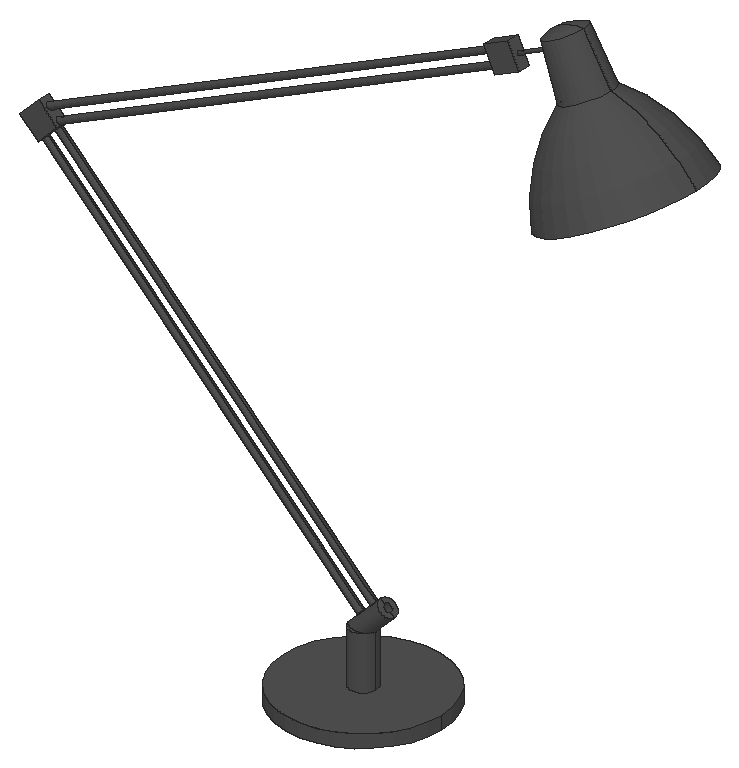
Revit family "ecdb3d950c984f8a83db7717c3b29b45", category Lighting Fixtures, Revit 2021
Family settings
  Round Connector Dimension = Use Diameter
  Part Type = Normal
  OmniClass Number = 23.80.70.11.11
  OmniClass Title = General Luminaries, Non Directional
  Seek Item ID = Table Lamp - Arm Extension-0000-USA-ENU
  Work Plane-Based = No
  Always vertical = Yes
  Cut with Voids When Loaded = No
  Light Source = Yes
  Shared = No
  Room Calculation Point = No
Parameters (values of type "60W - 277V")
  Wattage = 60 W
  built-in parameter 1150110 = 1 (stored number, unit not read)
  built-in parameter 1114217 = 1 (stored number, unit not read)
  built-in parameter 1150109 = 1 (stored number, unit not read)
  built-in parameter 1150134 = 4
  built-in parameter 1150113 = 1 (stored number, unit not read)
  Tilt Angle = 60.00°
  Photometric Web File = "TLAE1A19.ies"
  built-in parameter 1150115 = 1 (stored number, unit not read)
  built-in parameter 1150105 = 68.039 (stored number, unit not read)
  Load Classification = Lighting - Dwelling Unit
  built-in parameter 1150137 = 1
  built-in parameter 1150139 = (empty or 0)
  built-in parameter 1150112 = 1 (stored number, unit not read)
  built-in parameter 1150114 = 1 (stored number, unit not read)
  built-in parameter 1150132 = (empty or 0)
  built-in parameter 1150102 = (empty or 0)
  built-in parameter 1150138 = (empty or 0)
  built-in parameter 1150107 = 2800 (stored number, unit not read)
  built-in parameter 1150106 = 0.68039 (stored number, unit not read)
  built-in parameter 1150104 = 1.3239 (stored number, unit not read)
  Dimming Lamp Color Temperature Shift = <None>
  Default Elevation = 0' - 0"
  Color Filter = 16777215
  built-in parameter 1140040 [instance] = 1
  Ballast Voltage = 277 V
  Ballast Number of Poles = 1
  built-in parameter 1114218 = 1 (stored number, unit not read)
  built-in parameter 1150133 = 10 (stored number, unit not read)
  Assembly Code = "D5020220"
  Lamp = "A-19"
  Lumens = 855 lm
  Shade Material = Steel, Chrome Plated
  Base MaterialStand = Steel, Chrome Plated
  Wattage Comments = ""
  Apparent Load = 60 VA
Types (5): name | Wattage | Photometric Web File | built-in parameter 1150105 | built-in parameter 1150106 | built-in parameter 1150104 | Ballast Voltage | Lamp | Lumens | Apparent Load
  (no name) | 60 W | "TLAE1A19.ies" | 68.039 (stored number, unit not read) | 0.68039 (stored number, unit not read) | 1.3239 (stored number, unit not read) | 277 V | "A-19" | 855 lm | 60 VA
  100W - 277V | 100 W | "TLAE1A21.ies" | 95.493 (stored number, unit not read) | 0.95493 (stored number, unit not read) | 1.1148 (stored number, unit not read) | 277 V | "R-30" | 1200 lm | 100 VA
  60W - 120V | 60 W | "TLAE1A19.ies" | 68.039 (stored number, unit not read) | 0.68039 (stored number, unit not read) | 1.3239 (stored number, unit not read) | 120 V | "A-19" | 855 lm | 60 VA
  60W - 277V | 60 W | "TLAE1A19.ies" | 68.039 (stored number, unit not read) | 0.68039 (stored number, unit not read) | 1.3239 (stored number, unit not read) | 277 V | "A-19" | 855 lm | 60 VA
  100W - 120V | 100 W | "TLAE1A21.ies" | 95.493 (stored number, unit not read) | 0.95493 (stored number, unit not read) | 1.1148 (stored number, unit not read) | 120 V | "R-30" | 1200 lm | 100 VA
Reference planes (in)
  plane 1 "Light Source Axis": y = 0
  plane 2: z = 0
  plane 3: through (-1.25, 0, 1.25) normal (-0.7071, 0, 0.7071)
  plane 4: through (1.34822, 0, 1.34822) normal (0.7071, 0, 0.7071)
  plane 5: through (2.05532, 0, 2.05532) normal (0.7071, 0, 0.7071)
  plane 6: through (1.91485, 0, 1.91485) normal (0.7071, 0, 0.7071)
  plane 7: through (-8.40376, 0, 18.02192) normal (0.4226, 0, -0.9063)
  plane 8: through (-8.2981, 0, 17.79534) normal (0.4226, 0, -0.9063)
  plane 9: through (-8.13962, 0, 17.45547) normal (0.4226, 0, -0.9063)
  plane 10: through (-8.03397, 0, 17.2289) normal (0.4226, 0, -0.9063)
  plane 11: through (-8.20357, 0, 17.59262) normal (0.4226, 0, -0.9063)
  plane 12: through (14.31055, 0, 6.67312) normal (0.9063, 0, 0.4226)
  plane 13: through (17.93578, 0, 8.36359) normal (0.9063, 0, 0.4226)
  plane 14: through (15.44343, 0, 7.20139) normal (0.9063, 0, 0.4226)
  plane 15: through (16.80289, 0, 7.83532) normal (0.9063, 0, 0.4226)
  plane 16: through (-6.99831, 0, 15.00792) normal (0.4226, 0, -0.9063)
  plane 17 "Light Source Axis": x = 9
  plane 18 "Light Source Elevation": z = 21.5
Forms (in)
  Extrusion 1, solid, material "Steel, Chrome Plated" <- "Base MaterialStand"
    sketch origin (0, 0, 0) x (1, 0, 0) y (0, 1, 0)
      loop
        circle (0, 0) r 3
    from 0 to 0.5
  Revolve 2, solid, material "Steel, Chrome Plated" <- "Base MaterialStand"
    sketch origin (0, 0, 0) x (1, 0, 0) y (0, 0, 1)
      loop
        line (-0.5, 0.5) -> (0, 0.5) -> (0, 2.5) -> (-0.5, 2.5) -> (-0.5, 0.5)
      axis (0, 2.5) -> (0, 0.5)
    angle from 0 to 360
  Revolve 3, solid, material "Steel, Chrome Plated" <- "Base MaterialStand"
    sketch origin (0, 0, 0) x (1, 0, 0) y (0, 0, 1)
      loop
        line (-0.5, 2.5) -> (-0.23483, 2.5) -> (0.82583, 3.56066) -> (0.69324, 3.69324) -> (-0.5, 2.5)
      axis (-0.25, 2.25) -> (0.94324, 3.44324)
    angle from 0 to 360
  Revolve 4, solid, material "Steel, Chrome Plated" <- "Base MaterialStand"
    sketch origin (0, 0, 0) x (1, 0, 0) y (0, 0, 1)
      loop
        line (-0.16605, 2.86248) -> (-0.07766, 2.95087) -> (-12.80558, 15.6788) -> (-12.89397, 15.59041) -> (-0.16605, 2.86248)
      axis (-0.07766, 2.95087) -> (-12.80558, 15.6788)
    angle from 0 to 360
  Revolve 5, solid, material "Steel, Chrome Plated" <- "Base MaterialStand"
    sketch origin (0, 0, 0) x (1, 0, 0) y (0, 0, 1)
      loop
        line (0.41485, 3.41485) -> (0.50324, 3.50324) -> (-12.22817, 16.23465) -> (-12.31656, 16.14626) -> (0.41485, 3.41485)
      axis (0.41485, 3.41485) -> (-12.31656, 16.14626)
    angle from 0 to 360
  Extrusion 6, solid, material "Steel, Chrome Plated" <- "Base MaterialStand"
    sketch origin (0, 0, 0) x (1, 0, 0) y (0, 0, 1)
      loop
        line (-12.89397, 15.59041) -> (-12.18686, 14.8833) -> (-11.47976, 15.59041) -> (-12.18686, 16.29751) -> (-12.89397, 15.59041)
    from -0.25 to 0.25
  Revolve 7, solid, material "Steel, Chrome Plated" <- "Base MaterialStand"
    sketch origin (0, 0, 0) x (1, 0, 0) y (0, 0, 1)
      loop
        line (-11.97168, 16.08233) -> (5.24817, 24.11207) -> (5.19853, 24.21853) -> (-12.06006, 16.17071) -> (-11.97168, 16.08233)
      axis (-12.01042, 16.06426) -> (5.24817, 24.11207)
    angle from 0 to 360
  Revolve 8, solid, material "Steel, Chrome Plated" <- "Base MaterialStand"
    sketch origin (0, 0, 0) x (1, 0, 0) y (0, 0, 1)
      loop
        line (-11.5914, 15.57004) -> (5.62845, 23.59979) -> (5.57562, 23.71308) -> (-11.64422, 15.68333) -> (-11.5914, 15.57004)
      axis (-11.64422, 15.68333) -> (5.57562, 23.71308)
    angle from 0 to 360
  Extrusion 9, solid, material "Steel, Chrome Plated" <- "Base MaterialStand"
    sketch origin (0, 0, 0) x (1, 0, 0) y (0, 0, 1)
      loop
        line (5.71591, 24.60603) -> (4.81864, 24.18762) -> (5.24126, 23.28132) -> (6.13853, 23.69972) -> (5.71591, 24.60603)
    from -0.25 to 0.25
  Revolve 10, solid, material "Steel, Chrome Plated" <- "Base MaterialStand"
    sketch origin (0, 0, 0) x (1, 0, 0) y (0, 0, 1)
      loop
        line (5.9161, 24.17673) -> (7.27556, 24.81066) -> (7.24915, 24.8673) -> (5.88969, 24.23337) -> (5.9161, 24.17673)
      axis (7.27556, 24.81066) -> (5.9161, 24.17673)
    angle from 0 to 360
  Revolve 11, solid, material "Steel, Chrome Plated" <- "Shade Material"
    sketch origin (0, 0, 0) x (1, 0, 0) y (0, 0, 1)
      loop
        line (7.01393, 25.21394) -> (7.71376, 23.29118)
        arc (7.71376, 23.29118) -> (7.18439, 21.34768) -> (7.32814, 19.33852) r 5.99921
        line (7.32814, 19.33852) -> (7.41117, 19.36874)
        arc (7.41117, 19.36874) -> (7.28228, 21.38735) -> (7.83157, 23.33406) r 5.99921
        line (7.83157, 23.33406) -> (7.14753, 25.21345)
        arc (7.14753, 25.21345) -> (7.35758, 25.46966) -> (7.64724, 25.63046) r 0.88335
        line (7.64724, 25.63046) -> (7.60874, 25.71304)
        arc (7.60874, 25.71304) -> (7.27184, 25.51056) -> (7.01393, 25.21394) r 1.25722
      axis (7.63346, 25.72457) -> (10.02819, 20.58907)
    angle from 0 to 360
Lines and regions (in)
  symbolic lines
    curve 1: arc (3, 0, 0) -> (0, 3, 0) -> (-3, 0, 0) r 3
    curve 2: arc (-3, 0, 0) -> (0, -3, 0) -> (3, 0, 0) r 3
    curve 3: arc (13.00807, 0, 0) -> (10.00807, 3, 0) -> (7.00807, 0, 0) r 3
    curve 4: arc (7.00807, 0, 0) -> (10.00807, -3, 0) -> (13.00807, 0, 0) r 3
    curve 5: arc (0.5, 0, 0) -> (0, 0.5, 0) -> (-0.5, 0, 0) r 0.5
    curve 6: arc (-0.5, 0, 0) -> (0, -0.5, 0) -> (0.5, 0, 0) r 0.5
    curve 7: line (-11.47976, 0, 0) -> (7.00807, 0, 0)
    curve 8: line (-12.89397, 0.25, 0) -> (-11.47976, 0.25, 0)
    curve 9: line (-12.89397, 0.25, 0) -> (-12.89397, -0.25, 0)
    curve 10: line (-12.89397, -0.25, 0) -> (-11.47976, -0.25, 0)
    curve 11: line (-11.47976, 0.25, 0) -> (-11.47976, -0.25, 0)
Dimensions and locks (in)
  aligned and locked: plane 1 "Light Source Axis" to imposter light
Connectors (in)
  electrical at (5.92722, 0, 24.15287), driven by "Apparent Load", driven by "Ballast Voltage", driven by "Ballast Number of Poles", driven by "Load Classification"
    settings: on Extrusion 9, index 1, voltage 277 V, apparent load 0 VA, apparent load phase1 60 VA, apparent load phase2 0 VA, apparent load phase3 0 VA, power factor 0.95, load classification "Lighting - Dwelling Unit", number of poles 1, system type 31, power factor state 1, is connector primary yes, connector utility no, sub classification motor no, connector description ""
